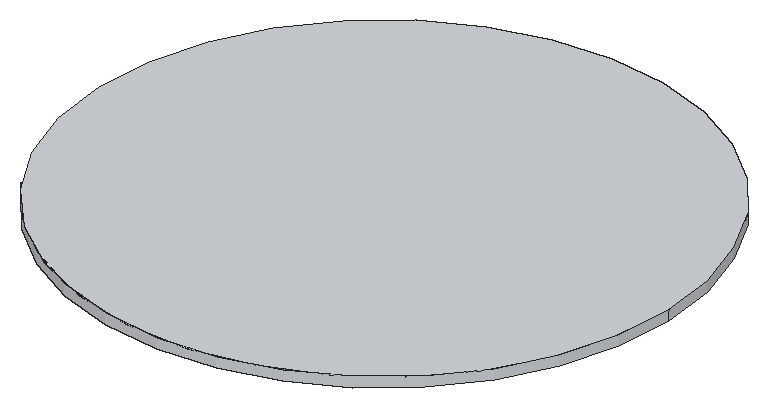
Revit family "CITY", category Lighting Fixtures, host Face, Revit 2023 (continued)
Types (10, lengths in mm): name | Radio | Photometric Web File | built-in parameter 1150142 | Manufacturer | LuxLight_Watios | LuxLight_Temperatura | LuxLight_Lumenes
    0.003899 44.941257 39.676109 34.673473 29.430824 24.510687 19.920559 14.827916 10.537796 6.690187 3.367594 2.115059 1.492542 1.08753 0.810023 0.660019 0.622517\r\n 0.615017 0.630018 0.645018 0.660019 0.690019 0.690019 0.735021 0.810023 0.840024 0.840024 0.847524 0.877525 0.907525 0.915026 0.937526 0.975027 0.982528 1.027529 1.06503 1.08753 1.125031 1.125031 1.147532 1.185033 1.215034 1.245035\r\n 1.267536 1.305037 1.320037 1.342538 1.41754 1.42504 1.462541 1.477541 1.507542 1.545043 1.560044 1.582544 1.612545 1.635046 1.650046 1.687547 1.732548 1.77005 1.80005 1.852552 1.860052 1.860052 1.905053 1.950055 1.980055 2.002556\r\n 2.025057 2.062558 2.055058 2.085058 2.100059 2.100059 2.15256 2.167561 2.197562 2.227562 2.235063 2.272564 2.257563 2.265064 2.280064 2.302565 2.302565 2.355066 2.347566 2.347566 2.385067 2.415068 2.415068 2.422568 2.430068 2.445068\r\n 2.445068 2.475069 2.475069 2.49007 2.48257 2.48257 2.51257 2.51257 2.49007 2.520071 2.51257 2.535071 2.49757\r\n272.972015 272.572632 272.452637 272.190125 271.882629 271.447601 270.9151 270.35257 269.610046 268.82254 267.869995 266.812469 265.777435 264.58493 263.294891 261.877319 260.317291 258.832275 257.204712 255.35965 253.522095 251.609543\r\n 249.531982 247.416931 245.099365 242.939301 240.584244 238.034164 235.514099 232.851517 230.136459 227.428879 224.42128 221.64621 218.706131 215.466049 212.345947 209.120865 205.663269 202.288162 198.598068 195.117966 191.637878 187.640244\r\n 184.115158 179.95253 176.232437 172.294815 167.922195 163.849594 159.889481 155.284348 151.234238 146.539108 142.211487 138.011368 133.143723 128.868622 124.263481 119.463348 114.798218 109.93058 105.205444 100.457817 95.485176 90.647537\r\n 85.862404 80.762268 76.044632 70.591972 65.776848 60.7892 55.494057 50.468914 45.466274 40.201126 35.220989 30.015841 25.335709 20.565577 15.510435 11.272816 7.365206 3.517598 2.122559 1.507542 1.095031 0.832523 0.682519 0.652518\r\n 0.660019 0.682519 0.69752 0.70502 0.70502 0.72752 0.765021 0.810023 0.817523 0.855024 0.870024 0.877525 0.892525 0.922526 0.952527 0.960027 0.997528 1.012528 1.035029 1.06503 1.095031 1.110031 1.147532 1.170033 1.207534 1.215034 1.267536\r\n 1.282536 1.327537 1.350038 1.387539 1.44004 1.455041 1.477541 1.507542 1.530043 1.545043 1.575044 1.612545 1.642546 1.687547 1.717548 1.732548 1.77005 1.78505 1.837551 1.890053 1.867552 1.912554 1.942554 1.972555 1.972555 2.017556\r\n 2.047557 2.077558 2.092559 2.115059 2.122559 2.13006 2.160061 2.15256 2.160061 2.167561 2.190061 2.205062 2.235063 2.265064 2.265064 2.302565 2.280064 2.310065 2.340065 2.377567 2.377567 2.392567 2.407568 2.407568 2.422568 2.460069\r\n 2.430068 2.430068 2.430068 2.445068 2.475069 2.460069 2.460069 2.49757 2.48257 2.49007 2.51257 2.49757\r\n272.972015 272.767639 272.68512 272.475128 272.152618 271.747589 271.222595 270.570068 269.820068 269.062531 268.214996 267.05249 266.062439 264.914917 263.534882 262.222351 260.632294 259.132263 257.497192 255.712158 253.957108 252.014572\r\n 249.809509 247.881943 245.541885 243.201813 240.869247 238.334183 235.799103 233.316528 230.466461 227.796371 224.706299 221.923706 218.901138 215.713547 212.608444 209.308365 205.888275 202.475677 198.883072 195.485474 192.080383\r\n 188.022766 184.242661 180.252548 176.382446 172.609833 168.24472 164.194595 160.001984 155.644363 151.346741 146.809113 142.473999 138.078857 133.428741 128.91362 124.360985 119.538353 114.888222 109.968079 105.152946 100.577812 95.320168\r\n 90.662544 85.727402 80.364754 75.602119 70.134468 65.356834 60.316689 55.074039 50.131405 45.203766 40.06612 35.423492 30.120844 25.575718 20.850584 15.930447 11.902834 8.010224 4.582628 2.302565 1.567544 1.162533 0.870024 0.72002\r\n 0.667519 0.652518 0.667519 0.690019 0.690019 0.72752 0.72002 0.72752 0.757521 0.802522 0.817523 0.847524 0.870024 0.892525 0.915026 0.952527 0.960027 0.990028 0.982528 1.027529 1.08753 1.102531 1.132532 1.162533 1.185033 1.222534\r\n 1.237535 1.282536 1.290036 1.305037 1.327537 1.365038 1.380039 1.42504 1.455041 1.492542 1.500042 1.492542 1.507542 1.560044 1.575044 1.597545 1.642546 1.657547 1.687547 1.755049 1.78505 1.77005 1.80005 1.837551 1.875053 1.897553\r\n 1.935054 1.980055 1.980055 2.002556 1.980055 1.987556 2.025057 2.047557 2.100059 2.13006 2.13756 2.167561 2.190061 2.205062 2.227562 2.235063 2.235063 2.280064 2.302565 2.310065 2.355066 2.347566 2.370066 2.377567 2.392567 2.407568\r\n 2.422568 2.460069 2.445068 2.460069 2.460069 2.475069 2.48257 2.48257 2.48257 2.475069 2.49757 2.49007 2.49757 2.49757\r\n272.972015 272.925171 272.835144 272.572632 272.31012 271.93512 271.312592 270.7276 269.947571 269.14505 268.297516 267.179962 266.107452 264.952423 263.624878 262.312347 260.714783 259.117249 257.587189 255.66716 253.837112 252.014572\r\n 249.862 247.709442 245.47438 243.194305 240.869247 238.326691 235.866608 233.354034 230.451462 227.601379 224.653793 221.871216 218.87114 215.496048 212.413452 209.248352 205.753265 202.385681 198.778076 195.245468 191.780365 187.722763\r\n 184.12265 179.892532 176.232437 172.272324 167.914703 163.857086 159.641968 155.209351 151.05423 146.299103 141.798965 137.426346 132.453705 128.021088 123.333458 118.098312 113.515678 108.250526 103.615402 98.68026 93.550117 88.637482\r\n 83.67234 78.249687 73.404556 68.109406 63.076767 58.299133 52.846481 47.858837 43.141209 37.846062 33.255932 28.035786 23.490658 19.028032 14.895418 11.355318 7.912722 4.732633 2.295064 1.575044 1.177533 0.937526 0.72752 0.667519\r\n 0.682519 0.72002 0.72002 0.690019 0.72002 0.70502 0.72002 0.742521 0.757521 0.802522 0.832523 0.855024 0.870024 0.892525 0.907525 0.960027 0.997528 0.997528 1.027529 1.08753 1.102531 1.125031 1.170033 1.207534 1.207534 1.267536 1.320037\r\n 1.357538 1.387539 1.41754 1.462541 1.43254 1.477541 1.515042 1.545043 1.582544 1.605045 1.642546 1.672547 1.717548 1.717548 1.755049 1.762549 1.80005 1.830051 1.852552 1.875053 1.927554 1.935054 1.950055 1.972555 2.017556 2.047557\r\n 2.077558 2.085058 2.13006 2.15256 2.167561 2.197562 2.220062 2.235063 2.257563 2.272564 2.310065 2.310065 2.355066 2.355066 2.377567 2.385067 2.407568 2.415068 2.415068 2.445068 2.460069 2.475069 2.422568 2.422568 2.422568 2.430068\r\n 2.460069 2.475069 2.452569 2.460069 2.49007 2.48257 2.48257 2.49757 2.49007 2.520071 2.535071 2.49757\r\n272.972015 274.995178 274.88269 274.755188 274.4552 274.072693 273.57016 272.962646 272.137634 271.395111 270.502563 269.512543 268.372498 267.254974 265.92746 264.58493 263.039856 261.509827 259.897308 257.947235 256.267181 254.21962\r\n 252.112061 249.98201 247.671936 245.526886 243.164307 240.599243 238.116669 235.61911 232.611511 229.986435 226.88887 224.091278 221.023697 217.843597 214.686005 211.475922 207.943329 204.553238 200.953125 197.548035 193.94043 189.905319\r\n 186.327713 182.532608 178.505005 174.507385 170.247269 166.347153 162.109543 157.444412 153.289291 148.444168 144.131546 139.796417 134.748764 130.24115 125.508514 120.528381 115.765739 110.703094 105.775459 101.110329 95.807686 91.022545\r\n 86.049911 80.784767 75.984627 70.749481 65.806847 61.00671 55.561558 50.858921 45.901287 40.538635 35.911007 30.848364 26.280737 21.690609 16.912973 12.772858 9.345263 5.962667 3.195089 1.79255 1.290036 0.945026 0.70502 0.577516 0.525015\r\n 0.525015 0.562516 0.555016 0.577516 0.592517 0.562516 0.577516 0.615017 0.630018 0.660019 0.682519 0.72002 0.802522 0.817523 0.847524 0.885025 0.915026 0.945026 0.990028 1.035029 1.027529 1.095031 1.125031 1.147532 1.162533 1.207534\r\n 1.245035 1.267536 1.342538 1.320037 1.365038 1.357538 1.41754 1.455041 1.470041 1.492542 1.560044 1.582544 1.605045 1.620045 1.642546 1.672547 1.725048 1.732548 1.762549 1.80005 1.830051 1.837551 1.875053 1.912554 1.950055 1.965055\r\n 1.972555 2.002556 2.017556 2.062558 2.062558 2.092559 2.13756 2.15256 2.182561 2.205062 2.205062 2.197562 2.220062 2.235063 2.265064 2.265064 2.295064 2.302565 2.332565 2.347566 2.370066 2.355066 2.392567 2.430068 2.422568 2.430068\r\n 2.445068 2.452569 2.407568 2.430068 2.430068 2.422568 2.422568 2.407568 2.415068 2.422568 2.422568 2.49757\r\n272.972015 273.172668 273.14267 272.962646 272.625122 272.257629 271.680084 271.020111 270.307556 269.490051 268.642548 267.570007 266.549988 265.267456 264.0224 262.582367 261.104828 259.522278 257.954742 256.049683 254.20462 252.382065\r\n 250.147003 248.189453 245.774384 243.576828 241.379257 238.701691 236.136627 233.601547 230.683975 228.0439 225.006302 222.231232 219.23114 215.99855 212.848465 209.720871 206.098267 202.715683 199.100586 195.770477 192.395386 188.142761\r\n 184.610168 180.830063 176.824966 173.059845 168.672226 164.547104 160.632004 156.071884 151.99176 147.484131 143.066513 138.611374 133.803757 129.348618 124.698494 119.755859 115.023216 110.043083 105.235443 100.600319 95.26017 90.550034\r\n 85.832405 80.417252 75.662125 70.231972 65.46183 60.706703 55.299049 50.60392 45.661278 40.553638 35.730999 30.728361 26.213234 21.705608 17.310484 13.455377 9.960279 6.330177 3.742605 1.912554 1.43254 1.08753 0.817523 0.690019 0.645018\r\n 0.660019 0.645018 0.652518 0.645018 0.660019 0.72752 0.70502 0.72752 0.72752 0.780022 0.810023 0.855024 0.870024 0.907525 0.960027 0.990028 0.982528 1.035029 1.08753 1.110031 1.132532 1.170033 1.200034 1.177533 1.222534 1.237535 1.312537\r\n 1.320037 1.365038 1.42504 1.42504 1.470041 1.477541 1.545043 1.560044 1.575044 1.605045 1.635046 1.672547 1.687547 1.762549 1.78505 1.79255 1.80005 1.837551 1.875053 1.905053 1.935054 1.950055 1.972555 1.987556 2.040057 2.055058 2.085058\r\n 2.092559 2.13006 2.15256 2.160061 2.197562 2.220062 2.242563 2.280064 2.280064 2.310065 2.355066 2.340065 2.370066 2.370066 2.377567 2.407568 2.407568 2.422568 2.445068 2.460069 2.460069 2.49007 2.49757 2.51257 2.520071 2.520071 2.527571\r\n 2.51257 2.49757 2.49757 2.452569 2.49757 2.48257 2.48257 2.520071 2.49757\r\n272.972015 272.557617 272.377625 272.145142 271.822632 271.440094 270.900085 270.330078 269.512543 268.755035 267.839996 266.767487 265.664948 264.509918 263.084869 261.764832 260.189789 258.637238 256.972198 255.119644 253.237091\r\n 251.36203 249.239487 247.221924 244.881866 242.64679 240.314224 237.741653 235.161591 232.731522 229.881439 227.173859 224.008774 221.233688 218.173615 215.053528 211.978439 208.79834 205.408249 202.048157 198.425552 194.937958 191.510376\r\n 187.49025 183.770142 179.982529 175.969925 172.264816 167.869705 163.93959 159.866974 155.53186 151.301743 146.824127 142.488998 138.281372 133.488739 129.206116 124.870995 119.890854 115.510735 110.455597 105.992966 101.282837 96.317703\r\n 91.555061 86.912437 81.8573 76.937149 71.822014 66.946877 62.304249 57.129101 52.268967 47.618835 42.353687 37.538551 32.745914 28.028286 23.603163 18.623022 14.175397 10.170285 6.270175 3.21009 1.950055 1.44004 1.027529 0.810023\r\n 0.682519 0.645018 0.652518 0.652518 0.682519 0.682519 0.69752 0.72002 0.72752 0.757521 0.795022 0.802522 0.832523 0.840024 0.870024 0.907525 0.952527 0.975027 0.990028 1.012528 1.027529 1.06503 1.132532 1.162533 1.177533 1.215034\r\n 1.237535 1.275036 1.342538 1.350038 1.365038 1.402539 1.455041 1.477541 1.515042 1.515042 1.545043 1.582544 1.612545 1.650046 1.657547 1.717548 1.732548 1.755049 1.78505 1.79255 1.837551 1.897553 1.875053 1.927554 1.950055 1.972555\r\n 2.017556 2.017556 2.055058 2.092559 2.13756 2.13756 2.167561 2.182561 2.190061 2.227562 2.242563 2.257563 2.272564 2.280064 2.310065 2.340065 2.377567 2.377567 2.377567 2.407568 2.407568 2.422568 2.407568 2.430068 2.452569 2.49007\r\n 2.51257 2.520071 2.527571 2.51257 2.475069 2.49007 2.48257 2.48257 2.49007 2.49757 2.49757 2.49757 2.49757 2.49757\r\n272.972015 272.347626 272.212616 272.017639 271.620087 271.275085 270.570068 270.015076 269.182526 268.387512 267.367462 266.287445 265.222412 264.089874 262.664856 261.337311 259.664764 258.142242 256.48468 254.66214 252.824585 250.93454\r\n 248.729477 246.741913 244.326859 242.099274 239.774216 237.149139 234.73407 232.191498 229.266418 226.588852 223.521255 220.761185 217.753601 214.513519 211.543427 208.378342 204.845734 201.538147 197.938034 194.397949 190.96286 187.047729\r\n 183.282623 179.69754 175.512421 171.67981 167.389679 163.519577 159.379471 155.059341 150.85173 146.404099 142.263977 137.913864 133.28624 128.801102 124.465988 119.493347 115.143227 110.11058 105.670464 100.975334 96.040192 91.307556\r\n 86.709923 81.72229 77.079659 71.777016 66.939377 62.326748 57.009098 52.396469 47.46133 42.293686 37.598553 32.273403 27.668274 23.138149 18.075506 13.605381 9.577768 5.677659 2.685075 1.942554 1.43254 1.05753 0.810023 0.70502 0.667519\r\n 0.667519 0.660019 0.682519 0.72002 0.735021 0.757521 0.795022 0.810023 0.855024 0.870024 0.870024 0.960027 0.982528 0.952527 0.975027 1.020029 1.020029 1.035029 1.05753 1.102531 1.110031 1.140032 1.177533 1.207534 1.245035 1.282536\r\n 1.327537 1.357538 1.41754 1.44004 1.470041 1.507542 1.530043 1.567544 1.582544 1.605045 1.605045 1.650046 1.687547 1.687547 1.687547 1.755049 1.78505 1.807551 1.852552 1.867552 1.897553 1.927554 1.950055 1.965055 2.002556 2.002556\r\n 2.047557 2.085058 2.122559 2.122559 2.13756 2.182561 2.220062 2.235063 2.242563 2.265064 2.280064 2.332565 2.310065 2.347566 2.370066 2.377567 2.377567 2.385067 2.407568 2.415068 2.452569 2.452569 2.452569 2.415068 2.422568 2.415068\r\n 2.430068 2.430068 2.460069 2.452569 2.48257 2.475069 2.48257 2.48257 2.48257 2.49757 2.565072 2.49757\r\n272.972015 272.332642 272.227631 271.965118 271.605103 271.132599 270.54007 269.887573 269.032532 268.244995 267.299988 266.189941 265.057404 263.88739 262.514862 261.134827 259.447266 257.902222 256.222168 254.33963 252.562073 250.657013\r\n 248.459457 246.411896 244.034332 241.836777 239.459213 236.856644 234.441559 231.839005 228.966415 226.288834 223.176254 220.401184 217.438583 214.235992 211.160919 208.018326 204.44072 201.245636 197.518036 194.157928 190.685333\r\n 186.59024 183.020126 179.262527 175.20491 171.49231 167.17218 163.264572 159.184448 154.811829 150.626724 146.164093 141.851471 137.673859 133.083725 128.598602 124.29348 119.30584 114.92572 110.12558 105.505455 100.825325 95.882683\r\n 91.127556 86.589928 81.347282 76.749649 71.762009 66.894379 62.266743 56.941593 52.268967 47.348827 42.113678 37.15604 32.025898 27.443268 22.695635 17.835499 13.275372 9.157757 5.212646 2.707576 1.912554 1.402539 1.05753 0.810023\r\n 0.682519 0.667519 0.652518 0.660019 0.690019 0.70502 0.735021 0.742521 0.757521 0.765021 0.810023 0.832523 0.855024 0.870024 0.892525 0.915026 0.945026 0.952527 0.982528 1.012528 1.050029 1.06503 1.110031 1.140032 1.177533 1.222534\r\n 1.252535 1.275036 1.282536 1.312537 1.350038 1.365038 1.41754 1.44004 1.455041 1.500042 1.530043 1.560044 1.582544 1.597545 1.620045 1.672547 1.725048 1.732548 1.755049 1.79255 1.837551 1.860052 1.867552 1.875053 1.927554 1.950055\r\n 1.972555 2.025057 2.047557 2.077558 2.100059 2.122559 2.115059 2.13756 2.167561 2.182561 2.197562 2.205062 2.242563 2.265064 2.295064 2.280064 2.272564 2.272564 2.295064 2.302565 2.332565 2.355066 2.355066 2.370066 2.407568 2.422568\r\n 2.430068 2.445068 2.452569 2.445068 2.460069 2.460069 2.452569 2.475069 2.48257 2.49007 2.49007 2.48257 2.527571 2.49757\r\n" | "" | 10 W | 3000 K | 750 lm
